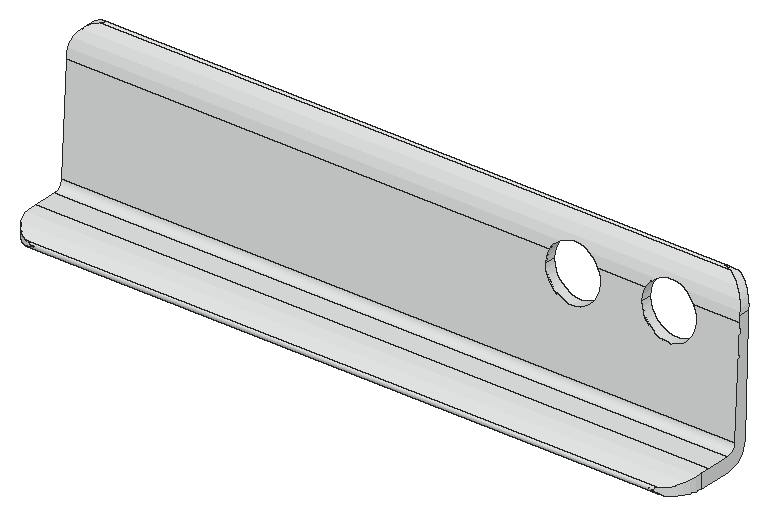
Revit family "Accessory-Shower_Shelf-KOHLER-CHOREOGRAPH-K-97622_1", category Specialty Equipment, host Face, Revit 2017
Family settings
  Host = Face
  Round Connector Dimension = Use Diameter
  Part Type = Normal
  OmniClass Number = 23.31.25.00
  OmniClass Title = Toilet and Bath Specialties
  Cut with Voids When Loaded = No
  Shared = No
  Room Calculation Point = No
Parameters (values of type "SHP-Bright Polished Silver")
  Width = 14"  # constant formula
  WaterSense Certified = 1 = 0  # no
  URL = "https://www.us.kohler.com/us/"
  Type = 1
  Product Page URL = "https://www.us.kohler.com/us/catalog/productDetails.jsp?productId=97622"
  Product Name = "CHOREOGRAPH\r\n"  # constant formula
  Product Documentation Link = "https://www.us.kohler.com/webassets/kpna/catalog/pdf/en/K-97622_spec_US-CA_Kohler_en.pdf"
  Model = if(Type = 1, "K-97622-SHP", if(Type = 2, "K-97622-BNK", if(Type = 3, "K-97622-ABZ", if(Type = 4, "K-97622-BL", "NA"))))  # "K-97622-SHP"
  Material = "Anodized Aluminium"  # constant formula
  Master Format 2014 Name = "Toilet, Bath, and Laundry Accessories"  # constant formula
  Master Format 2014 = "10 28 00"  # constant formula
  Manufacturer Address = "444 Highland Dr, Kohler, WI 53044"  # constant formula
  Manufacturer = "KOHLER Co."  # constant formula
  Length = 3 99/256"  # constant formula
  Height = 2 1/128"  # constant formula
  Finish = Kohler-Metal-SHP-Bright_Polished_Silver
  Environmental Product Declaration = ""
  Description = "14 Inch  floating shower shelf"  # constant formula
  Default Elevation = 42"
  Declare Label = ""
  Date Modified = "09/17/2021"  # constant formula
  Date Created = "09/17/2021"  # constant formula
  Copyright = "Copyright KOHLER Co."  # constant formula
  Contact Us = "https://www.us.kohler.com/us/static/contact.jsp"
  Assembly Code = "C1030200"
  ADA Compliant = 1 = 0  # no
Types (5): name | Type | Model | Finish
  (no name) | 1 | "K-97622-SHP" | Kohler-Metal-SHP-Bright_Polished_Silver
  SHP-Bright Polished Silver | 1 | "K-97622-SHP" | Kohler-Metal-SHP-Bright_Polished_Silver
  BNK-Anodized Brushed Nickel | 2 | "K-97622-BNK" | Kohler-Metal-BNK-Anodized_Brushed_Nickel
  ABZ-Anodized Dark Bronze | 3 | "K-97622-ABZ" | Kohler-Metal-ABZ-Anodized_Dark_Bronze
  BL-Matte Black | 4 | "K-97622-BL" | Kohler-Metal-BL-Matte_Black
Reference planes (in)
  plane 1 "Center (Front/Back)": y = 0
  plane 2: z = 0
  plane 3 "Center (Left/Right)": x = 0
  plane 4: z = 3.38672
  plane 5: y = 2.00781
  plane 6: x = 7.00787
  plane 7: x = -6.99213
Dimensions and locks (in)
  "Length": level to plane 4
  "Width": plane 7 to plane 6
  "Height": plane 1 "Center (Front/Back)" to plane 5
  aligned and locked: plane 2 to host face
  aligned and locked: level to host face
Automatic sketch dimensions
  host sketch curve to host sketch curve = 96"  (x2)
Nested families (in)
  nested 1: "K-97622" at (0, 2.22934, 0) x (-1, 0, 0) z (0, 0, 1), type "K-97622"
Definition of nested family "K-97622"
  Parameters (values of type "K-97622")
    Material = none
  Reference planes (in)
    plane 1 "Center (Front/Back)": y = 0.22162
    plane 2: z = 0
    plane 3 "Center (Left/Right)": x = 0
    plane 4: x = 7.00787
    plane 5: y = 2.22934
    plane 6: z = 3.38583
    plane 7: x = -7.00787
  Forms (in)
    Extrusion 1, solid, material <- "Material", detail levels medium+fine
      sketch origin (0, 2.43575, 0) x (0, -1, 0) y (0, 0, 1)
        loop
          line (0.26986, 0) -> (1.50899, 0)
          arc (1.50899, 0) -> (1.80288, 0.11874) -> (1.93181, 0.40831) r 0.42307
          line (1.93181, 0.40831) -> (2.00992, 2.64508)
          arc (2.00992, 2.64508) -> (2.06553, 2.98069) -> (2.20512, 3.29092) r 1.31913
          arc (2.20512, 3.29092) -> (2.19006, 3.37292) -> (2.10694, 3.36641) r 0.06225
          arc (2.10694, 3.36641) -> (1.89196, 3.0399) -> (1.80322, 2.65917) r 1.11238
          line (1.80322, 2.65917) -> (1.68892, 0.47813)
          arc (1.68892, 0.47813) -> (1.6306, 0.35162) -> (1.50121, 0.3) r 0.18797
          line (1.50121, 0.3) -> (1.00414, 0.3)
          arc (1.00414, 0.3) -> (0.61243, 0.25463) -> (0.24146, 0.12092) r 1.71359
          arc (0.24146, 0.12092) -> (0.20775, 0.04921) -> (0.26986, 0) r 0.06379
      from -7.00787 to 7.00787
    Extrusion 2, void
      sketch origin (0, 2.43575, -0.33219) x (-1, 0, 0) y (0, 0, 1)
        loop
          arc (-7.00787, 3.12293) -> (-6.83358, 3.54372) -> (-6.41279, 3.71801) r 0.59508
          line (-6.41279, 3.71801) -> (-7.16279, 3.71801) -> (-7.16279, 3.12293) -> (-7.00787, 3.12293)
        loop
          line (7.00787, 3.12293) -> (7.2151, 3.12293) -> (7.2151, 3.71801) -> (6.41279, 3.71801)
          arc (6.41279, 3.71801) -> (6.83358, 3.54372) -> (7.00787, 3.12293) r 0.59508
      from -2.50197 to -1.5671
    Extrusion 3, void
      sketch origin (0, 2.43575, 0) x (-1, 0, 0) y (0, -1, 0)
        loop
          arc (-6.39461, 0.20565) -> (-6.82825, 0.38527) -> (-7.00787, 0.81891) r 0.61326
          line (-7.00787, 0.81891) -> (-7.50787, 0.81891) -> (-7.50787, -0.18109) -> (-6.39461, -0.18109) -> (-6.39461, 0.20565)
        loop
          line (6.39461, 0.20565) -> (6.39461, -0.18109) -> (7.57144, -0.18109) -> (7.57144, 0.81891) -> (7.00787, 0.81891)
          arc (7.00787, 0.81891) -> (6.82825, 0.38527) -> (6.39461, 0.20565) r 0.61326
      from -0.1425 to 0.39189
    Extrusion 4, solid, material <- "Material", detail levels coarse
      sketch origin (0, 0, 0) x (0, 1, 0) y (0, 0, 1)
        loop
          line (2.22934, 0) -> (2.22934, 0.30052) -> (0.7661, 0.30052) -> (0.63306, 3.38583) -> (0.37161, 3.38583) -> (0.51762, 0) -> (2.22934, 0)
      from -7.00787 to 7.00787
    Extrusion 5, void
      sketch origin (0, 0.22162, 0) x (1, 0, 0) y (0, 0, 1)
        loop
          circle (-5.56342, 2.38095) r 0.57087
        loop
          circle (-3.5579, 2.38095) r 0.57087
      from -2.3053 to 0.47738
  Cuts and joins
    Extrusion 2, Extrusion 3, Extrusion 5 cuts Extrusion 1
  Lines and regions (in)
    Masking region 1
      outline origin (0, 0, 0) x (0, 1, 0) y (0, 0, 1)
        loop
          arc (0.63268, 2.65926) -> (0.62459, 2.74692) -> (0.60961, 2.83366) r 1.11238
          spline (0.60961, 2.83366) -> (0.59544, 2.89215) -> (0.57846, 2.94876) -> (0.55882, 3.00349) -> (0.53682, 3.05609) -> (0.51291, 3.10607) -> (0.48749, 3.1531) -> (0.46097, 3.19704) -> (0.43383, 3.23778) -> (0.40656, 3.27512) -> (0.37973, 3.30892) -> (0.35387, 3.33912) -> (0.32925, 3.36594)
          arc (0.32925, 3.36594) -> (0.24598, 3.37314) -> (0.23059, 3.29099) r 0.06225
          arc (0.23059, 3.29099) -> (0.32675, 3.09985) -> (0.3893, 2.89524) r 1.26394
          arc (0.3893, 2.89524) -> (0.41444, 2.76307) -> (0.42598, 2.62903) r 1.31913
          line (0.42598, 2.62903) -> (0.50353, 0.40831)
          arc (0.50353, 0.40831) -> (0.63245, 0.11874) -> (0.92635, 0) r 0.42307
          line (0.92635, 0) -> (1.66755, 0) -> (2.16705, 0)
          arc (2.16705, 0) -> (2.22934, 0.05002) -> (2.19395, 0.12164) r 0.06379
          spline (2.19395, 0.12164) -> (2.16706, 0.13788) -> (2.13672, 0.15388) -> (2.1031, 0.16955) -> (2.06644, 0.18478) -> (2.02696, 0.19947) -> (1.98492, 0.21353) -> (1.9406, 0.22686) -> (1.89427, 0.23939) -> (1.84624, 0.25103) -> (1.79681, 0.26171) -> (1.74631, 0.27135) -> (1.69504, 0.27981)
          arc (1.69504, 0.27981) -> (1.56429, 0.29494) -> (1.43276, 0.3) r 1.71359
          line (1.43276, 0.3) -> (0.93469, 0.3)
          arc (0.93469, 0.3) -> (0.80531, 0.35162) -> (0.74698, 0.47813) r 0.18797
          line (0.74698, 0.47813) -> (0.63268, 2.65926)
    Masking region 2
      outline origin (0, 0, 0) x (1, 0, 0) y (0, 1, 0)
        loop
          line (-7.00787, 1.61684) -> (-7.00787, 0.40151)
          spline (-7.00787, 0.40151) -> (-7.00489, 0.3906) -> (-6.99901, 0.37889) -> (-6.99026, 0.36641) -> (-6.97868, 0.35323) -> (-6.96432, 0.33942) -> (-6.94726, 0.32504) -> (-6.92758, 0.31015) -> (-6.90536, 0.29483) -> (-6.88071, 0.27915) -> (-6.85375, 0.26319) -> (-6.82461, 0.24702) -> (-6.79343, 0.23071)
          arc (-6.79343, 0.23071) -> (-6.77276, 0.22392) -> (-6.75113, 0.22162) r 0.10298
          line (-6.75113, 0.22162) -> (-3.50654, 0.22162) -> (6.7458, 0.22162)
          arc (6.7458, 0.22162) -> (6.77005, 0.22391) -> (6.79345, 0.2307) r 0.12958
          spline (6.79345, 0.2307) -> (6.82428, 0.24898) -> (6.85314, 0.26683) -> (6.87988, 0.28414) -> (6.90438, 0.30084) -> (6.92652, 0.31685) -> (6.94619, 0.33208) -> (6.96329, 0.34647) -> (6.97774, 0.35994) -> (6.98948, 0.37242) -> (6.99844, 0.38387) -> (7.00458, 0.39422) -> (7.00787, 0.40342)
          line (7.00787, 0.40342) -> (7.00787, 1.61684)
          arc (7.00787, 1.61684) -> (6.83898, 2.03949) -> (6.42531, 2.22934) r 0.61326
          line (6.42531, 2.22934) -> (-6.42531, 2.22934)
          arc (-6.42531, 2.22934) -> (-6.83898, 2.03949) -> (-7.00787, 1.61684) r 0.61326
    Masking region 3
      outline origin (0, 0.22162, 0) x (1, 0, 0) y (0, 0, 1)
        loop
          line (-7.00787, 2.79074) -> (-7.00787, 0) -> (7.00787, 0) -> (7.00787, 2.79074)
          arc (7.00787, 2.79074) -> (6.83358, 3.21153) -> (6.41279, 3.38583) r 0.59508
          line (6.41279, 3.38583) -> (-6.41279, 3.38583)
          arc (-6.41279, 3.38583) -> (-6.83358, 3.21153) -> (-7.00787, 2.79074) r 0.59508
        loop
          circle (-5.56342, 2.38095) r 0.57087
        loop
          circle (-3.5579, 2.38095) r 0.57087
    symbolic lines, detail levels medium+fine
      curve 1: line (-1.99672, 0.22162, 0) -> (1.99672, 0.22162, 0)
      curve 2: line (-7.00787, 0.61774, 0) -> (-6.67775, 0.33709, 0)
      curve 3: line (-6.68752, 0.32881, 0) -> (6.68752, 0.32881, 0)
      curve 4: line (6.67775, 0.33709, 0) -> (7.00787, 0.61774, 0)
      curve 5: line (-6.67775, 0.33709, 0) -> (-6.79352, 0.23892, 0)
      curve 6: line (6.79352, 0.23892, 0) -> (6.67775, 0.33709, 0)
      curve 7: line (-5.06494, 0.63253, 0) -> (-6.0619, 0.63253, 0)
      curve 8: spline (-6.12773, 0.65163, 0) -> (-6.09192, 0.65843, 0) -> (-6.02664, 0.6646, 0) -> (-5.93553, 0.6698, 0) -> (-5.82366, 0.67374, 0) -> (-5.69727, 0.67619, 0) -> (-5.56342, 0.67702, 0) -> (-5.42956, 0.67619, 0) -> (-5.30318, 0.67374, 0) -> (-5.1913, 0.6698, 0) -> (-5.10019, 0.6646, 0) -> (-5.03491, 0.65843, 0) -> (-4.99911, 0.65163, 0)
      curve 9: spline (-4.99911, 0.65163, 0) -> (-4.99521, 0.65, 0) -> (-4.99304, 0.64835, 0) -> (-4.9926, 0.64671, 0) -> (-4.99389, 0.64506, 0) -> (-4.99691, 0.64342, 0) -> (-5.00164, 0.64179, 0) -> (-5.00807, 0.64018, 0) -> (-5.01619, 0.63859, 0) -> (-5.02597, 0.63703, 0) -> (-5.03738, 0.63549, 0) -> (-5.05038, 0.63399, 0) -> (-5.06494, 0.63253, 0)
      curve 10: spline (-6.0619, 0.63253, 0) -> (-6.07645, 0.63399, 0) -> (-6.08945, 0.63549, 0) -> (-6.10086, 0.63703, 0) -> (-6.11064, 0.63859, 0) -> (-6.11876, 0.64018, 0) -> (-6.12519, 0.64179, 0) -> (-6.12993, 0.64342, 0) -> (-6.13294, 0.64506, 0) -> (-6.13423, 0.64671, 0) -> (-6.13379, 0.64835, 0) -> (-6.13162, 0.65, 0) -> (-6.12773, 0.65163, 0)
      curve 11: spline (-4.12221, 0.65163, 0) -> (-4.08641, 0.65843, 0) -> (-4.02113, 0.6646, 0) -> (-3.93001, 0.6698, 0) -> (-3.81814, 0.67374, 0) -> (-3.69176, 0.67619, 0) -> (-3.5579, 0.67702, 0) -> (-3.42405, 0.67619, 0) -> (-3.29766, 0.67374, 0) -> (-3.18579, 0.6698, 0) -> (-3.09467, 0.6646, 0) -> (-3.02939, 0.65843, 0) -> (-2.99359, 0.65163, 0)
      curve 12: line (-3.05942, 0.63253, 0) -> (-4.05638, 0.63253, 0)
      curve 13: spline (-4.05638, 0.63253, 0) -> (-4.07094, 0.63399, 0) -> (-4.08394, 0.63549, 0) -> (-4.09535, 0.63703, 0) -> (-4.10513, 0.63859, 0) -> (-4.11325, 0.64018, 0) -> (-4.11968, 0.64179, 0) -> (-4.12441, 0.64342, 0) -> (-4.12743, 0.64506, 0) -> (-4.12872, 0.64671, 0) -> (-4.12828, 0.64835, 0) -> (-4.12611, 0.65, 0) -> (-4.12221, 0.65163, 0)
      curve 14: spline (-2.99359, 0.65163, 0) -> (-2.9897, 0.65, 0) -> (-2.98753, 0.64835, 0) -> (-2.98709, 0.64671, 0) -> (-2.98838, 0.64506, 0) -> (-2.99139, 0.64342, 0) -> (-2.99613, 0.64179, 0) -> (-3.00256, 0.64018, 0) -> (-3.01068, 0.63859, 0) -> (-3.02046, 0.63703, 0) -> (-3.03186, 0.63549, 0) -> (-3.04487, 0.63399, 0) -> (-3.05942, 0.63253, 0)
      curve 15: line (-7.00787, 0.7661, 0) -> (7.00787, 0.7661, 0)
  Dimensions and locks (in)
    plane 6 to level = 3.38583"  (x2)
    plane 7 to plane 4 = 14.01575"
    plane 5 to plane 1 "Center (Front/Back)" = 2.00772"
    aligned and locked: plane 2 to level
